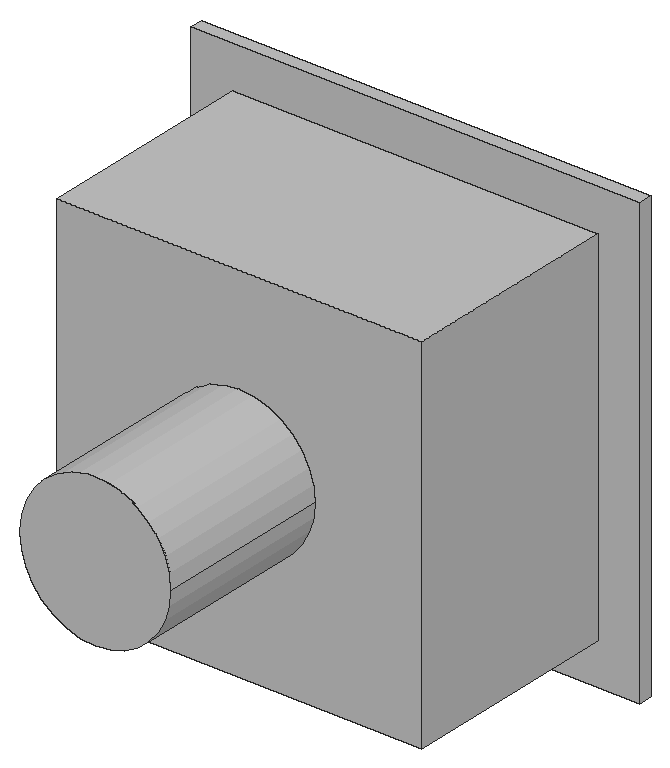
Revit family "ef_eg-20_60ysd2_asd2_bsd2_btd2_dtc2_ftc-v_50Hz", category 機械設備, Revit 2019
Family settings
  丸型コネクタ寸法 = 直径を使用
  パーツ タイプ = 標準
  OmniClass 番号 = 23.75.35.21.17
  OmniClass タイトル = Industrial Ventilating Equipment
  作業面ベース = いいえ
  常に垂直 = はい
  ロード時にボイドで切り取り = はい
  共有 = いいえ
  部屋計算ポイント = はい
Parameters (values of type "EF-20YSD2-V")
  騒音レベル(dB(A)) [instance] = 33
  風量 [instance] = 設計風量  # 0.0 m³/h
  電源種別 [instance] = ""
  電圧 = 100 V
  電動機出力 = 15 W
  電動機_種別 [instance] = ""
  運転質量 = 0.00 kg
  連動 [instance] = ""
  質量 = if(製品質量 > 運転質量, 製品質量, 運転質量) * 1.2  # 7.80 kg
  負荷分類 = 3_ファン類
  説明 = "産業用有圧換気扇 防爆形"
  設計風量 [instance] = 0.0 m³/h
  設置方法 = "壁付"
  記号 [instance] = ""
  製造元 = "三菱電機株式会社"
  製品質量 = 6.50 kg
  製品出荷対象 = "国内"
  製品リリース年月 = "2022年6月1日"
  製品グループ = ""
  羽根径 = "∅200"
  レグ_Depth = 167 mm
  系統 [instance] = ""
  符号 [instance] = if(☑給気／□排気, "FS", "FE")  # "FE"
  積算_科目 = ""
  積算_拾い区分 [instance] = ""
  相 = 1
  盤記号 [instance] = ""
  盤工事区分 = ""
  発停方法 [instance] = ""
  特殊仕様 [instance] = ""
  火災停止 [instance] = ""
  消費電力 = 27 W
  法定耐用年数 = "15"
  極数 = 2
  極 = 4
  材質 [instance] = ""
  操作・制御方式 = ""
  操作・制御スイッチ = ""
  排気量 [instance] = if(☑給気／□排気, 0.0 m³/h, 設計風量)  # 0.0 m³/h
  形式 = ""
  幹線記号 [instance] = ""
  対象室 [instance] = ""
  実風量 [instance] = 0.0 m³/h
  始動方式 [instance] = "直入"
  外気量 [instance] = if(☑給気／□排気, 設計風量, 0.0 m³/h)  # 0.0 m³/h
  呼称 = "有圧扇"
  周波数 = 50 Hz
  参照している仕様書等のバージョン = ""
  分類コード = "50052503100110"
  分類グループ = ""
  価格 = 162000
  企業コード = "108420"
  付属品_防振装置 = ""
  付属品 [instance] = ""
  仕様書バージョン = "Version1.0"
  レグ_Width = 260 mm
  レグ_Height = 260 mm
  モーター径 = 108 mm
  モデル = "EF-20YSD2-V"
  フレームの厚さ = 10 mm
  ファンの種類 = "軸流羽根"
  コメント [instance] = ""
  Keynote = ""
  オリフィス_Depth = 50 mm
  ☑給気／□排気 [instance] = no
  Width = 320 mm
  Version = ""
  Uniclass2015Version = "Systems v1.9"
  Uniclass2015Title = "Propeller fans"
  Uniclass2015Code = "Pr_65_67_29_67"
  URL = "https://www.mitsubishielectric.co.jp/ldg/wink/ssl/displayProduct.do?pid=319139"
  SpecificationReference = ""
  SpecificationDescription = ""
  Revision = ""
  ProductInformation = ""
  OmniClassCode = "23-33 31 19 11 17"
  MIN風量 = 0.0 m³/h
  MID風量 = 0.0 m³/h
  MAX風量 = 670.0 m³/h
  IfcTypeProduct = ""
  IfcProduct = ""
  IfcExportType = "TUBEAXIAL"
  IfcExportAs = "IfcFanType"
  Height = 320 mm
  オリフィス径 = 245 mm
  Depth = 295 mm
  Author = "三菱電機株式会社"
Types (7, lengths in mm): name | 騒音レベル(dB(A)) | 電圧 | 電動機出力 | 質量 | 製品質量 | 羽根径 | レグ_Depth | 相 | 消費電力 | 極数 | 極 | 価格 | レグ_Width | レグ_Height | モーター径 | モデル | オリフィス_Depth | Width | URL | MAX風量 | Height | オリフィス径 | Depth
  EF-20YSD2-V | 33 | 100 V | 15 W | 7.80 kg | 6.50 kg | "∅200" | 167 | 1 | 27 W | 2 | 4 | 162000 | 260 | 260 | 108 | "EF-20YSD2-V" | 50 | 320 | "https://www.mitsubishielectric.co.jp/ldg/wink/ssl/displayProduct.do?pid=319139" | 670.0 m³/h | 320 | 245 | 295
  EF-25ASD2-V | 37 | 100 V | 25 W | 8.28 kg | 6.90 kg | "∅250" | 166 | 1 | 35 W | 2 | 4 | 171000 | 300 | 300 | 108 | "EF-25ASD2-V" | 60 | 370 | "https://www.mitsubishielectric.co.jp/ldg/wink/ssl/displayProduct.do?pid=319142" | 1170.0 m³/h | 370 | 310 | 300
  EF-30BSD2-V | 39 | 100 V | 50 W | 9.00 kg | 7.50 kg | "∅300" | 182 | 1 | 61 W | 2 | 4 | 222000 | 347 | 347 | 108 | "EF-30BSD2-V" | 60 | 420 | "https://www.mitsubishielectric.co.jp/ldg/wink/ssl/displayProduct.do?pid=319153" | 1700.0 m³/h | 420 | 365 | 310
  EF-30BTD2-V | 39 | 200 V | 50 W | 9.00 kg | 7.50 kg | "∅300" | 182 | 3 | 47 W | 3 | 4 | 222000 | 347 | 347 | 108 | "EF-30BTD2-V" | 60 | 420 | "https://www.mitsubishielectric.co.jp/ldg/wink/ssl/displayProduct.do?pid=319159" | 1700.0 m³/h | 420 | 365 | 310
  EF-40DTC2-V | 46 | 200 V | 200 W | 25.92 kg | 21.60 kg | "∅400" | 214.5 | 3 | 122 W | 3 | 4 | 264000 | 396 | 396 | 140 | "EF-40DTC2-V" | 80 | 520 | "https://www.mitsubishielectric.co.jp/ldg/wink/ssl/displayProduct.do?pid=318480" | 3860.0 m³/h | 520 | 490 | 345
  EG-50DTC2-V | 44 | 200 V | 200 W | 32.16 kg | 26.80 kg | "∅500" | 217 | 3 | 142 W | 3 | 6 | 329000 | 500 | 500 | 140 | "EG-50DTC2-V" | 95 | 620 | "https://www.mitsubishielectric.co.jp/ldg/wink/ssl/displayProduct.do?pid=318590" | 4960.0 m³/h | 620 | 605 | 349
  EG-60FTC-V | 52.5 | 200 V | 750 W | 58.56 kg | 48.80 kg | "∅600" | 304 | 3 | 475 W | 3 | 6 | 441000 | 566 | 566 | 210 | "EG-60FTC-V" | 100 | 710 | "https://www.mitsubishielectric.co.jp/ldg/wink/ssl/displayProduct.do?pid=41980" | 10100.0 m³/h | 710 | 705 | 419
Reference planes
  plane 1 "中心(正面/背面)": y = 0
  plane 2: z = 0
  plane 3 "中心(左/右)": x = 0
  plane 4: z = 0
  plane 5: through (212.832, -1524, 243.759) normal (-0.6508, 0, -0.7593)
  plane 6: through (-212.884, -1524, -243.751) normal (0.6508, 0, 0.7593)
  plane 7: through (208.307, -1524, -247.63) normal (-0.6508, 0, 0.7593)
  plane 8: z = 160
  plane 9: z = -160
  plane 10 "左": x = -160
  plane 11 "右": x = 160
  plane 12 "正面": y = -295
  plane 13: y = -10
  plane 14: through (-208.307, -1524, -247.63) normal (-0.6508, 0, -0.7593)
  plane 15: y = -45
  plane 16: y = 55
  plane 17: x = -250
  plane 18: x = 250
  plane 19: y = -50
  plane 20: y = -167
  plane 21: x = -130
  plane 22: x = 130
  plane 23: z = 130
  plane 24: z = -130
Forms (mm)
  Extrusion 1, solid, detail levels fine
    sketch origin (0, 0, 0) x (1, 0, 0) y (0, 1, 0)
      loop
        line (-160, 0) -> (-160, -10) -> (160, -10) -> (160, 0) -> (-160, 0)
    from -160 to 160
  Extrusion 2, solid, detail levels fine
    sketch origin (140, -23.659, 0) x (-1, 0, 0) y (0, 0, -1)
      loop
        circle (140, 0) r 54
    from 143.341 to 271.341
  Extrusion 3, solid
    sketch origin (0, -153.783, 0) x (1, 0, 0) y (0, 0, 1)
      loop
        circle (0, 0) r 122.5
    from -143.783 to -103.783
  Extrusion 4, solid
    sketch origin (0, 0, 0) x (1, 0, 0) y (0, 0, 1)
      loop
        line (-130, 130) -> (-130, -130) -> (130, -130) -> (130, 130) -> (-130, 130)
    from 10 to 167
Cuts and joins
  joined: Extrusion 3, Extrusion 4
Lines and regions (mm)
  Masking region 1, detail levels coarse+medium
    outline origin (0, 0, 0) x (1, 0, 0) y (0, 1, 0)
      loop
        line (-250, -295) -> (250, -295) -> (250, -45) -> (-250, -45) -> (-250, -295)
  Masking region 2, detail levels coarse+medium
    outline origin (0, 0, 0) x (1, 0, 0) y (0, 1, 0)
      loop
        line (-124, -45) -> (124, -45) -> (124, 55) -> (-124, 55) -> (-124, -45)
  symbolic lines, detail levels coarse+medium
    curve 1: circle (124, -183, 0) r 115 normal (0, 0, 1)
    curve 2: circle (-124, -183, 0) r 115 normal (0, 0, -1)
Dimensions and locks
  level to plane 4 = 0 mm
  equal spacing: plane 8, level, plane 9
  "Depth": plane 12 "正面" to plane 1 "中心(正面/背面)"  (x2)
  "Width": plane 10 "左" to plane 11 "右"
  "Height": plane 8 to plane 9
  "フレームの厚さ": plane 13 to plane 1 "中心(正面/背面)"
  plane 12 "正面" to plane 15 to plane 16 = 250 mm locked, 100 mm locked
  locked: plane 17 to plane 18 at 500
  "オリフィス_Depth": plane 1 "中心(正面/背面)" to plane 19
  "レグ_Depth": plane 1 "中心(正面/背面)" to plane 20
  equal spacing: plane 10 "左", plane 3 "中心(左/右)", plane 11 "右"
  equal spacing: plane 22, plane 3 "中心(左/右)", plane 21
  "レグ_Width": plane 22 to plane 21
  equal spacing: plane 23, level, plane 24
  "レグ_Height": plane 23 to plane 24
  "オリフィス径": diameter of Extrusion 3 sketch curve
  "モーター径": diameter of Extrusion 2 sketch curve
  aligned and locked: level to plane 2
  aligned and locked: Extrusion 1 to plane 8
  aligned and locked: plane 10 "左" to Extrusion 1
  aligned and locked: Extrusion 1 to plane 11 "右"
  aligned and locked: plane 9 to Extrusion 1
  aligned and locked: Extrusion 1 to plane 13
  aligned and locked: Extrusion 1 to plane 1 "中心(正面/背面)"  (x5)
  aligned and locked: plane 12 "正面" to Extrusion 2
  aligned and locked: plane 1 "中心(正面/背面)" to Extrusion 1  (x2)
  aligned and locked: plane 4 to Extrusion 2 sketch curve
  aligned and locked: plane 12 "正面" to Masking region 1 sketch curve
  aligned and locked: plane 17 to Masking region 1 sketch curve
  aligned and locked: plane 15 to Masking region 1 sketch curve
  aligned and locked: plane 18 to Masking region 1 sketch curve
  aligned and locked: Masking region 2 sketch curve to plane 15
  aligned and locked: plane 16 to Masking region 2 sketch curve
  aligned and locked: Extrusion 3 to Extrusion 1
  aligned and locked: Extrusion 3 to plane 19
  aligned and locked: plane 20 to Extrusion 2
  aligned and locked: Extrusion 4 to Extrusion 2
  aligned and locked: Extrusion 4 to Extrusion 1
  aligned and locked: Extrusion 4 to plane 21
  aligned and locked: plane 23 to Extrusion 4
  aligned and locked: plane 22 to Extrusion 4
  aligned and locked: Extrusion 4 to plane 24
Automatic sketch dimensions
  Extrusion 1 sketch curve to plane 10 "左" = 0 mm
  Extrusion 1 sketch curve to plane 11 "右" = 0 mm
  Extrusion 1 sketch curve to plane 13 = 0 mm
  plane 1 "中心(正面/背面)" to Extrusion 1 sketch curve = 0 mm
  Extrusion 3 sketch curve to level = 0 mm
  Extrusion 3 sketch curve to plane 3 "中心(左/右)" = 0 mm
  curve 2 to plane 20 = 16 mm
  curve 1 to plane 20 = 16 mm
  curve 2 to plane 10 "左" = 36 mm
  Masking region 2 sketch curve to plane 10 "左" = 36 mm
  plane 11 "右" to curve 1 = 36 mm
  plane 11 "右" to Masking region 2 sketch curve = 36 mm
  Extrusion 2 sketch curve to plane 3 "中心(左/右)" = 0 mm
  Extrusion 4 sketch curve to plane 21 = 0 mm
  plane 22 to Extrusion 4 sketch curve = 0 mm
  Extrusion 4 sketch curve to plane 24 = 0 mm
  plane 23 to Extrusion 4 sketch curve = 0 mm
  radius of curve 1 = 115 mm
  radius of curve 2 = 115 mm
Connectors
  electrical at (160, -5, 0), driven by "電圧", driven by "負荷分類", driven by "消費電力", driven by "極数"
    settings: on Extrusion 1, index 2, voltage 100 V, apparent load 27 VA, apparent load phase1 0 VA, apparent load phase2 0 VA, apparent load phase3 0 VA, power factor 1, load classification "3_ファン類", number of poles 2, system type 30, power factor state 1, is connector primary yes, connector utility no, sub classification motor no, connector description ""
